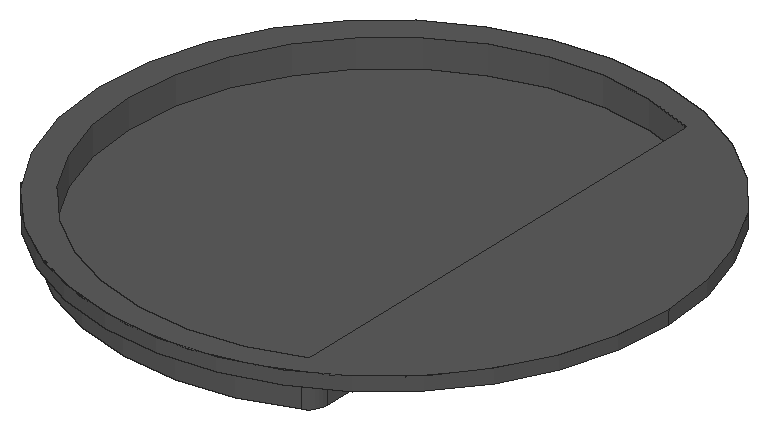
Revit family "Haworth_Immerse_Planter_Round", category Furniture Systems, Revit 2018
Family settings
  Round Connector Dimension = Use Diameter
  Part Type = Normal
  OmniClass Number = 23.40.70.14.64.21
  OmniClass Title = Systems Furniture
  Work Plane-Based = No
  Always vertical = Yes
  Cut with Voids When Loaded = No
  Shared = No
  Room Calculation Point = No
Parameters (values of type "EHPR")
  Warranty = "http://www.haworth.com/resources/product-info/warranties"
  URL - Product = "http://www.haworth.com/products/tables/collaborative/immerse"
  Planter Finish [instance] = Haworth _ Paint _ Black
  Model = "EHPR"
  URL = "https://www.haworth.com/na/en.html"
  Revision Number = "1"  # constant formula
  Manufacturer = "Haworth"  # constant formula
  Description = "Haworth Immerse Planter Round"
  Author = "Haworth (Hampton)"  # constant formula
  Assembly Code = "E2020200"
Reference planes (in)
  plane 1 "Floor": z = 0
  plane 2 "Center L/R": x = -40.5
  plane 3 "Center": y = -11.15866
  plane 4 "Surface Top": z = 29.49998
  plane 5 "Side Bottom": z = 28.74998
  plane 6: x = -49.5
  plane 7: x = -31.5
  plane 8: y = -2.15866
  plane 9: y = -20.15866
  plane 10 "Center Bottom": z = 25.548
  plane 11 "Planter Top": z = 30.24998
Forms (in)
  Extrusion 1, solid, material "Haworth _ Paint _ Black" <- "Planter Finish"
    sketch origin (0, 0, 35.87445) x (0, -1, 0) y (1, 0, 0)
      loop
        circle (11.15866, -40.5) r 9
    from -6.37446 to -5.93901
  Extrusion 2, solid, material "Haworth _ Paint _ Black" <- "Planter Finish"
    sketch origin (0, 0, 35.87445) x (0, -1, 0) y (1, 0, 0)
      loop
        line (18.52386, -36.40146) -> (3.79346, -36.40145)
        arc (3.79346, -36.40145) -> (3.45471, -36.50121) -> (3.22411, -36.76865) r 0.625
        arc (3.22411, -36.76865) -> (11.15865, -49.07145) -> (19.09321, -36.76866) r 8.71005
        arc (19.09321, -36.76866) -> (18.86261, -36.50122) -> (18.52386, -36.40146) r 0.625
    from -7.12446 to -6.37446
  Extrusion 3, void
    sketch origin (0, 0, 35.87445) x (0, -1, 0) y (1, 0, 0)
      loop
        arc (3.79346, -36.90145) -> (3.72571, -36.92141) -> (3.67959, -36.97489) r 0.125
        arc (3.67959, -36.97489) -> (11.15865, -48.57145) -> (18.63773, -36.9749) r 8.21005
        arc (18.63773, -36.9749) -> (18.59161, -36.92141) -> (18.52386, -36.90146) r 0.125
        line (18.52386, -36.90146) -> (3.79346, -36.90145)
    from -6.82746 to -5.62446
Cuts and joins
  Extrusion 3 cuts Extrusion 1
  Extrusion 3 cuts Extrusion 2
  joined: Extrusion 1, Extrusion 2
Lines and regions (in)
  Masking region 1
    outline origin (0, 0, 35.87445) x (0, -1, 0) y (1, 0, 0)
      loop
        circle (11.15866, -40.5) r 9
Dimensions and locks (in)
  plane 9 to plane 3 "Center" to plane 8 = 9", 9"
  plane 6 to plane 2 "Center L/R" to plane 7 = 9", 9"
  aligned and locked: plane 4 "Surface Top" to Extrusion 1
  aligned and locked: plane 5 "Side Bottom" to Extrusion 2
  aligned and locked: Extrusion 2 to plane 4 "Surface Top"
  aligned and locked: Extrusion 3 to plane 11 "Planter Top"
